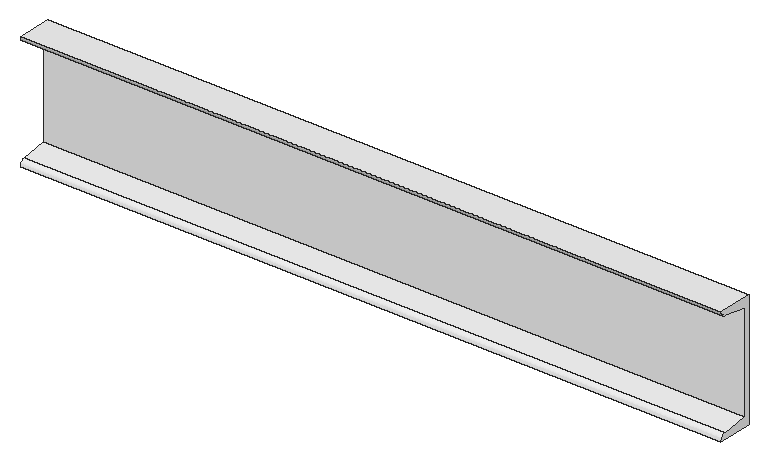
Revit family
Parameters (values of type "C200X21")
  Start Extension Calculation [instance] = 3012.5 mm + Start Extension  # 3000 mm
  Start Extension [instance] = -12.5 mm
  End Extension Calculation [instance] = 3012.5 mm + End Extension  # 3000 mm
  End Extension [instance] = -12.5 mm
  Beam Material [instance] = Metal - Steel - 345 MPa
  Assembly Code = ""
  A = 0.003 m²
  Length [instance] = 1500 mm
  W = 0.20594
  bf = 59 mm
  d = 203 mm
  tf = 9.9 mm
  tw = 7.7 mm
  x = 14 mm
Reference planes
  plane 1 "Center (Front/Back)": y = 0
  plane 2: z = 0
  plane 3 "Center (Left/Right)": x = 4.61
  plane 4 "Member Left": x = -604.99
  plane 5 "Member Right": x = 614.21
  plane 6: y = 14
  plane 7: y = -45
  plane 8 "Top": z = 101.5
  plane 9: z = -101.5
  plane 10 "Left": x = -757.39
  plane 11 "Right": x = 742.61
  plane 12: x = -604.99
  plane 13: x = 614.21
  plane 14: x = 2395.01
  plane 15: x = -2385.79
Forms (mm)
  Sweep 1, solid, material "Metal - Steel - 345 MPa" <- "Beam Material", detail levels medium
    path origin (0, 0, 0) x (1, 0, 0) y (0, 1, 0)
      loop
        line (614.21, 0) -> (-604.99, 0)
    profile "M_C-Channel-Profile-Medium : M_C-Channel-Profile-Medium" origin (4.61, 0, 0) x (0, -1, 0) y (0, 0, 1)
      loop
        line (-14, -101.5) -> (45, -101.5) -> (45, -91.6) -> (-6.3, -83.475) -> (-6.3, 83.475) -> (45, 91.6) -> (45, 101.5) -> (-14, 101.5) -> (-14, -101.5)
  Sweep 2, solid, material "Metal - Steel - 345 MPa" <- "Beam Material", detail levels fine
    path origin (0, 0, 0) x (1, 0, 0) y (0, 1, 0)
      loop
        line (614.21, 0) -> (-604.99, 0)
    profile "M_C-Channel-Profile-Fine : M_C-Channel-Profile-Fine" origin (4.61, 0, 0) x (0, -1, 0) y (0, 0, 1)
      loop
        line (-14, -101.5) -> (45, -101.5)
        arc (45, -101.5) -> (42.1, -94.5) -> (35.1, -91.6) r 9.9
        line (35.1, -91.6) -> (-6.3, -85.043) -> (-6.3, 85.043) -> (35.1, 91.6)
        arc (35.1, 91.6) -> (42.1, 94.5) -> (45, 101.5) r 9.9
        line (45, 101.5) -> (-14, 101.5) -> (-14, -101.5)
Lines and regions (mm)
  symbolic lines, style "Hidden Faces", detail levels medium+fine
    curve 1: line (-604.99, 0, 0) -> (614.21, 0, 0)
    curve 2: line (-604.99, 4.763, 80) -> (614.21, 4.763, 80)
    curve 3: line (-604.99, 4.763, -80) -> (614.21, 4.763, -80)
  symbolic lines, style "Stick Symbols", detail levels coarse
    curve 4: line (4.61, 14, 101.5) -> (4.61, -45, 101.5)
    curve 5: line (4.61, 14, -101.5) -> (4.61, 14, 101.5)
    curve 6: line (4.61, -45, -101.5) -> (4.61, 14, -101.5)
Dimensions and locks
  "bf": plane 6 to plane 7
  "d": plane 9 to plane 8 "Top"
  "x": plane 6 to plane 1 "Center (Front/Back)"
  equal spacing: plane 9, plane 2, plane 8 "Top"
  "Length": plane 10 "Left" to plane 11 "Right"
  locked: plane 4 "Member Left" to plane 14 at 3000
  locked: plane 15 to plane 5 "Member Right" at 3000
  "Start Extension Calculation": plane 12 to plane 14
  "End Extension Calculation": plane 15 to plane 13
  aligned and locked: Sweep 1 sketch curve to plane 1 "Center (Front/Back)"
  aligned and locked: Sweep 2 sketch curve to plane 1 "Center (Front/Back)"
  aligned and locked: curve 4 to Sweep 2
  aligned and locked: curve 5 to Sweep 2
  aligned and locked: Sweep 2 to curve 6
  aligned and locked: Sweep 1 to curve 4
  aligned and locked: curve 6 to Sweep 1
  aligned and locked: plane 12 to Sweep 2 sketch curve
  aligned and locked: plane 13 to Sweep 2 sketch curve
  aligned and locked: plane 12 to Sweep 1 sketch curve
  aligned and locked: plane 13 to Sweep 1 sketch curve
  aligned and locked: plane 12 to curve 1
  aligned and locked: plane 13 to curve 1
Automatic sketch dimensions
  curve 1 to plane 1 "Center (Front/Back)" = 0 mm
  curve 3 to plane 4 "Member Left" = 0 mm
  curve 2 to plane 4 "Member Left" = 0 mm
  curve 3 to plane 5 "Member Right" = 0 mm
  curve 2 to plane 5 "Member Right" = 0 mm
  curve 3 to plane 9 = 21.5 mm
  plane 8 "Top" to curve 2 = 21.5 mm
